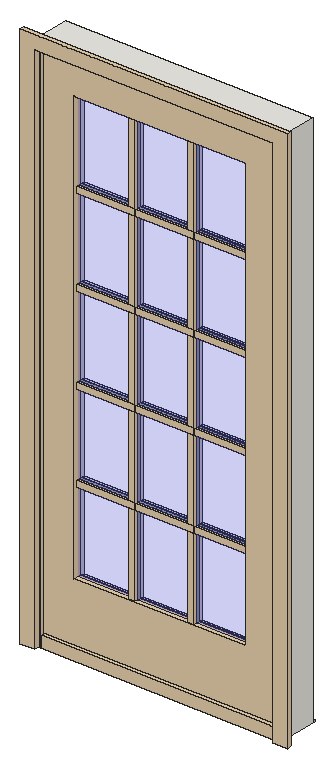
Revit family "Door-Inswing-Andersen-400_Series-Single 3", category Doors, host Wall, Revit 2013 (continued)
Dimensions and locks (in)
  aligned and locked: plane 45 "B Panel" to Sweep 10 sketch curve  (x2)
  aligned and locked: plane 56 "Sill Interior" to Sweep 10 sketch curve
  aligned and locked: Sweep 10 sketch curve to plane 57 "Sill Exterior"
  aligned and locked: level to Sweep 10 sketch curve
  aligned and locked: Masking region 2 sketch curve to plane 57 "Sill Exterior"
  aligned and locked: plane 56 "Sill Interior" to Masking region 2 sketch curve
  aligned and locked: plane 9 "Frame S2" to curve 5
  aligned and locked: Masking region 8 sketch curve to plane 19 "R Casing 4"
  aligned and locked: plane 22 "L Casing 4" to Masking region 8 sketch curve
  aligned and locked: level to Masking region 8 sketch curve  (x2)
  aligned and locked: level to Masking region 9 sketch curve  (x2)
  aligned and locked: plane 36 "L Int Casing" to Masking region 9 sketch curve
  aligned and locked: Masking region 9 sketch curve to plane 33 "R Int Casing"
  aligned and locked: plane 39 "T Int Casing" to Masking region 9 sketch curve
  aligned and locked: plane 31 "T Casing 4" to Masking region 8 sketch curve
  aligned and locked: plane 5 "T Frame" to Masking region 9 sketch curve
  aligned and locked: plane 4 "L Frame" to Masking region 9 sketch curve
  aligned and locked: Masking region 9 sketch curve to plane 3 "R Frame"
  aligned and locked: Masking region 10 sketch curve to plane 59 "R Stop"
  aligned and locked: plane 58 "L Stop" to Masking region 10 sketch curve
  aligned and locked: level to Masking region 10 sketch curve
  aligned and locked: plane 60 "T Stop" to Masking region 10 sketch curve
  aligned and locked: curve 6 to plane 58 "L Stop"
  aligned and locked: curve 7 to plane 59 "R Stop"
  aligned and locked: Masking region 10 sketch curve to plane 3 "R Frame"
  aligned and locked: plane 5 "T Frame" to Masking region 10 sketch curve
  aligned and locked: plane 4 "L Frame" to Masking region 10 sketch curve
  aligned and locked: Masking region 10 sketch curve to plane 61 "Sill Height"
  aligned and locked: curve 8 to plane 35 "R Ext Frame"
  aligned and locked: curve 9 to plane 38 "L Ext Frame"
  aligned and locked: plane 3 "R Frame" to curve 14
  aligned and locked: curve 14 to plane 10 "Flange"
  aligned and locked: plane 4 "L Frame" to curve 15
  aligned and locked: plane 5 "T Frame" to curve 16
  aligned and locked: plane 10 "Flange" to curve 16
  aligned and locked: plane 9 "Frame S2" to Sweep 7 sketch curve
  aligned and locked: Sweep 7 sketch curve to plane 38 "L Ext Frame"  (x2)
  aligned and locked: Sweep 7 sketch curve to plane 53 "Frame S1"
  aligned and locked: Sweep 7 sketch curve to plane 58 "L Stop"
  aligned and locked: curve 59 to plane 53 "Frame S1"
  aligned and locked: plane 53 "Frame S1" to curve 45
  aligned and locked: plane 4 "L Frame" to curve 39
  aligned and locked: plane 3 "R Frame" to curve 53
  aligned and locked: plane 55 "Stop Interior" to Sweep 7 sketch curve
  aligned and locked: Sweep 8 sketch curve to plane 38 "L Ext Frame"
  aligned and locked: Sweep 9 sketch curve to plane 56 "Sill Interior"
  aligned and locked: level to Sweep 9 sketch curve
  aligned and locked: Sweep 9 sketch curve to plane 57 "Sill Exterior"
  aligned and locked: Sweep 9 sketch curve to plane 61 "Sill Height"
  aligned and locked: curve 94 to plane 61 "Sill Height"
  aligned and locked: curve 88 to plane 56 "Sill Interior"
  aligned and locked: plane 46 "B Glazing" to Sweep 11 sketch curve  (x2)
  aligned and locked: Sweep 11 sketch curve to plane 45 "B Panel"
  aligned and locked: plane 51 "Panel1 S2" to Sweep 11 sketch curve  (x2)
  aligned and locked: plane 44 "T Panel" to Sweep 11 sketch curve
  aligned and locked: Sweep 11 sketch curve to plane 47 "T Glazing"
  aligned and locked: Sweep 11 sketch curve to plane 62 "Glass1 S1"  (x2)
  aligned and locked: plane 46 "B Glazing" to Sweep 12 sketch curve  (x2)
  aligned and locked: Sweep 12 sketch curve to plane 50 "Panel1 S1"  (x2)
  aligned and locked: plane 62 "Glass1 S1" to Sweep 12 sketch curve  (x2)
  aligned and locked: Sweep 12 sketch curve to plane 47 "T Glazing"
  aligned and locked: plane 44 "T Panel" to Sweep 12 sketch curve
  aligned and locked: plane 48 "L Glazing" to Sweep 11 sketch curve
  aligned and locked: plane 49 "R Glazing" to Sweep 11 sketch curve
  aligned and locked: plane 49 "R Glazing" to Sweep 12 sketch curve
  aligned and locked: plane 48 "L Glazing" to Sweep 12 sketch curve
  aligned and locked: plane 45 "B Panel" to Sweep 13 sketch curve
  aligned and locked: Sweep 13 sketch curve to plane 2 "Center (Left/Right)"
  aligned and locked: plane 44 "T Panel" to Sweep 13 sketch curve
  aligned and locked: plane 49 "R Glazing" to Sweep 13 sketch curve
  aligned and locked: plane 51 "Panel1 S2" to Sweep 13 sketch curve
  aligned and locked: Sweep 13 sketch curve to plane 62 "Glass1 S1"
  aligned and locked: Sweep 13 sketch curve to plane 43 "R Panel"
  aligned and locked: Sweep 13 sketch curve to plane 42 "L Panel"
  aligned and locked: Sweep 13 sketch curve to plane 51 "Panel1 S2"
  aligned and locked: plane 62 "Glass1 S1" to Sweep 13 sketch curve
  aligned and locked: plane 48 "L Glazing" to Sweep 13 sketch curve
  aligned and locked: plane 44 "T Panel" to Sweep 14 sketch curve
  aligned and locked: Sweep 14 sketch curve to plane 2 "Center (Left/Right)"
  aligned and locked: plane 45 "B Panel" to Sweep 14 sketch curve
  aligned and locked: Sweep 14 sketch curve to plane 50 "Panel1 S1"
  aligned and locked: Sweep 14 sketch curve to plane 43 "R Panel"
  aligned and locked: plane 49 "R Glazing" to Sweep 14 sketch curve
  aligned and locked: plane 62 "Glass1 S1" to Sweep 14 sketch curve
  aligned and locked: plane 50 "Panel1 S1" to Sweep 14 sketch curve
  aligned and locked: plane 48 "L Glazing" to Sweep 14 sketch curve
  aligned and locked: Sweep 14 sketch curve to plane 42 "L Panel"
  aligned and locked: Sweep 14 sketch curve to plane 62 "Glass1 S1"
  aligned and locked: Sweep 15 sketch curve to plane 43 "R Panel"
  aligned and locked: plane 42 "L Panel" to Sweep 15 sketch curve
  aligned and locked: Sweep 15 sketch curve to plane 45 "B Panel"  (x2)
  aligned and locked: plane 44 "T Panel" to Sweep 15 sketch curve
  aligned and locked: Sweep 15 sketch curve to plane 50 "Panel1 S1"
  aligned and locked: plane 46 "B Glazing" to Sweep 16 sketch curve
  aligned and locked: plane 62 "Glass1 S1" to Sweep 16 sketch curve
  aligned and locked: plane 63 "Glass1 S3" to Sweep 16 sketch curve
  aligned and locked: plane 47 "T Glazing" to Sweep 16 sketch curve
  aligned and locked: Sweep 16 sketch curve to plane 49 "R Glazing"
  aligned and locked: plane 48 "L Glazing" to Sweep 16 sketch curve
  aligned and locked: Sweep 16 sketch curve to plane 46 "B Glazing"
  aligned and locked: curve 155 to plane 63 "Glass1 S3"
  aligned and locked: curve 156 to plane 64 "Glass1 S2"
  aligned and locked: plane 46 "B Glazing" to curve 156
  aligned and locked: plane 46 "B Glazing" to curve 155
  aligned and locked: plane 47 "T Glazing" to curve 155
  aligned and locked: plane 47 "T Glazing" to curve 156
  aligned and locked: plane 47 "T Glazing" to curve 157
  aligned and locked: plane 47 "T Glazing" to curve 158
  aligned and locked: plane 46 "B Glazing" to curve 157
  aligned and locked: plane 46 "B Glazing" to curve 158
  aligned and locked: curve 157 to plane 65 "Glass1 S4"
  aligned and locked: curve 158 to plane 62 "Glass1 S1"
  aligned and locked: plane 47 "T Glazing" to curve 159
  aligned and locked: plane 46 "B Glazing" to curve 159
  aligned and locked: curve 159 to plane 51 "Panel1 S2"
  aligned and locked: plane 47 "T Glazing" to curve 160
  aligned and locked: plane 46 "B Glazing" to curve 160
  aligned and locked: curve 160 to plane 50 "Panel1 S1"
  aligned and locked: plane 64 "Glass1 S2" to curve 221
  aligned and locked: plane 49 "R Glazing" to curve 221
  aligned and locked: plane 48 "L Glazing" to curve 221
  aligned and locked: plane 48 "L Glazing" to curve 222
  aligned and locked: plane 63 "Glass1 S3" to curve 222
  aligned and locked: plane 49 "R Glazing" to curve 222
  aligned and locked: plane 62 "Glass1 S1" to curve 223
  aligned and locked: plane 49 "R Glazing" to curve 223
  aligned and locked: plane 65 "Glass1 S4" to curve 224
  aligned and locked: plane 49 "R Glazing" to curve 224
  aligned and locked: plane 48 "L Glazing" to curve 224
  aligned and locked: plane 48 "L Glazing" to curve 223
  aligned and locked: plane 48 "L Glazing" to curve 225
  aligned and locked: plane 49 "R Glazing" to curve 225
  aligned and locked: plane 50 "Panel1 S1" to curve 225
  aligned and locked: plane 49 "R Glazing" to curve 226
  aligned and locked: plane 48 "L Glazing" to curve 226
  aligned and locked: plane 51 "Panel1 S2" to curve 226
  aligned and locked: Masking region 11 sketch curve to plane 43 "R Panel"
  aligned and locked: Masking region 11 sketch curve to plane 45 "B Panel"
  aligned and locked: plane 42 "L Panel" to Masking region 11 sketch curve
  aligned and locked: plane 44 "T Panel" to Masking region 11 sketch curve
  aligned and locked: curve 230 to plane 49 "R Glazing"
  aligned and locked: curve 229 to plane 46 "B Glazing"
  aligned and locked: plane 47 "T Glazing" to curve 227
  aligned and locked: plane 48 "L Glazing" to curve 228
  aligned and locked: nested 1 to plane 47 "T Glazing"
  aligned and locked: nested 1 to plane 2 "Center (Left/Right)"
  aligned and locked: nested 2 to plane 47 "T Glazing"
  aligned and locked: nested 5 to plane 47 "T Glazing"
  aligned and locked: nested 4 to plane 48 "L Glazing"
  aligned and locked: nested 3 to plane 48 "L Glazing"
  aligned and locked: nested 6 to plane 48 "L Glazing"
  aligned and locked: nested 7 to plane 48 "L Glazing"
  aligned and locked: plane 37 "L Xjamb 2" to curve 231
  aligned and locked: plane 38 "L Ext Frame" to curve 231
  aligned and locked: plane 53 "Frame S1" to curve 231
  aligned and locked: plane 67 "L Xjamb 1" to Extrusion 6 sketch curve
  aligned and locked: Extrusion 6 sketch curve to plane 68 "R Xjamb S1"
  aligned and locked: plane 69 "T Xjamb S1" to Extrusion 6 sketch curve
  aligned and locked: Extrusion 5 sketch curve to plane 68 "R Xjamb S1"
  aligned and locked: plane 69 "T Xjamb S1" to Extrusion 5 sketch curve
  aligned and locked: plane 67 "L Xjamb 1" to Extrusion 5 sketch curve
  aligned and locked: Masking region 12 sketch curve to plane 33 "R Int Casing"
  aligned and locked: host wall to Masking region 12 sketch curve
  aligned and locked: plane 68 "R Xjamb S1" to Masking region 12 sketch curve
  aligned and locked: plane 8 "Interior Casing" to Masking region 12 sketch curve
  aligned and locked: Masking region 13 sketch curve to plane 52 "Xjamb S1"
  aligned and locked: plane 68 "R Xjamb S1" to Masking region 13 sketch curve
  aligned and locked: Masking region 13 sketch curve to host wall
  aligned and locked: Masking region 13 sketch curve to plane 34 "R Xjamb 2"
  aligned and locked: host wall to Masking region 14 sketch curve
  aligned and locked: plane 36 "L Int Casing" to Masking region 14 sketch curve
  aligned and locked: plane 8 "Interior Casing" to Masking region 14 sketch curve
  aligned and locked: Masking region 14 sketch curve to plane 67 "L Xjamb 1"
  aligned and locked: Masking region 15 sketch curve to plane 52 "Xjamb S1"
  aligned and locked: plane 37 "L Xjamb 2" to Masking region 15 sketch curve
  aligned and locked: Masking region 15 sketch curve to host wall
  aligned and locked: Masking region 15 sketch curve to plane 67 "L Xjamb 1"
  aligned and locked: Masking region 16 sketch curve to plane 52 "Xjamb S1"
  aligned and locked: plane 40 "T Xjamb 2" to Masking region 16 sketch curve
  aligned and locked: Masking region 16 sketch curve to host wall
  aligned and locked: level to Masking region 16 sketch curve
  aligned and locked: host wall to Masking region 17 sketch curve
  aligned and locked: plane 39 "T Int Casing" to Masking region 17 sketch curve
  aligned and locked: plane 8 "Interior Casing" to Masking region 17 sketch curve
  aligned and locked: level to Masking region 17 sketch curve
  aligned and locked: plane 52 "Xjamb S1" to curve 232
  aligned and locked: plane 8 "Interior Casing" to curve 233
  aligned and locked: host wall to curve 233
  aligned and locked: plane 69 "T Xjamb S1" to curve 232
  aligned and locked: plane 69 "T Xjamb S1" to curve 233
  aligned and locked: plane 10 "Flange" to curve 15
  aligned and locked: plane 51 "Panel1 S2" to curve 234
  aligned and locked: plane 42 "L Panel" to curve 234
  aligned and locked: curve 243 to plane 5 "T Frame"
  aligned and locked: curve 242 to plane 9 "Frame S2"
  aligned and locked: plane 51 "Panel1 S2" to curve 268
  aligned and locked: plane 44 "T Panel" to curve 269
  aligned and locked: plane 43 "R Panel" to curve 269
  aligned and locked: plane 70 "Center Elevation" to curve 270
  aligned and locked: plane 42 "L Panel" to curve 270
  aligned and locked: plane 43 "R Panel" to curve 270
  aligned and locked: plane 45 "B Panel" to curve 270
  aligned and locked: Split face 1 sketch curve to plane 62 "Glass1 S1"
  aligned and locked: plane 62 "Glass1 S1" to Split face 2 sketch curve
  aligned and locked: Split face 3 sketch curve to plane 62 "Glass1 S1"
  aligned and locked: plane 62 "Glass1 S1" to Split face 4 sketch curve
  aligned and locked: plane 45 "B Panel" to Sweep 17 sketch curve
  aligned and locked: level to Sweep 17 sketch curve
  aligned and locked: plane 2 "Center (Left/Right)" to Sweep 17 sketch curve
  aligned and locked: plane 4 "L Frame" to Sweep 17 sketch curve
  aligned and locked: Sweep 17 sketch curve to plane 38 "L Ext Frame"
  aligned and locked: plane 56 "Sill Interior" to Sweep 17 sketch curve
  aligned and locked: Sweep 17 sketch curve to plane 35 "R Ext Frame"
  aligned and locked: plane 3 "R Frame" to Sweep 17 sketch curve
  aligned and locked: Sweep 17 sketch curve to plane 56 "Sill Interior"
  aligned and locked: Sweep 17 sketch curve to Sweep 8
  aligned and locked: Sweep 8 to Sweep 17 sketch curve
  aligned and locked: plane 4 "L Frame" to Masking region 8 sketch curve
  aligned and locked: plane 5 "T Frame" to Masking region 8 sketch curve
  aligned and locked: Masking region 8 sketch curve to plane 3 "R Frame"
  aligned and locked: plane 2 "Center (Left/Right)" to Sweep 18 sketch curve
  aligned and locked: plane 66 "Vert Bar length" to Sweep 18 sketch curve
  aligned and locked: level to Sweep 18 sketch curve
  aligned and locked: Sweep 18 sketch curve to plane 38 "L Ext Frame"  (x2)
  aligned and locked: plane 4 "L Frame" to Sweep 18 sketch curve
  aligned and locked: plane 9 "Frame S2" to Sweep 18 sketch curve
  aligned and locked: Sweep 18 sketch curve to plane 53 "Frame S1"
  aligned and locked: Sweep 18 sketch curve to plane 58 "L Stop"
  aligned and locked: plane 55 "Stop Interior" to Sweep 18 sketch curve
  aligned and locked: Sweep 18 sketch curve to curve 37
  aligned and locked: curve 43 to Sweep 18 sketch curve
  aligned and locked: Sweep 18 sketch curve to curve 44
  aligned and locked: Sweep 18 sketch curve to curve 42
  aligned and locked: plane 3 "R Frame" to Sweep 18 sketch curve
  aligned and locked: Sweep 18 sketch curve to plane 35 "R Ext Frame"  (x2)
  aligned and locked: plane 53 "Frame S1" to Sweep 18 sketch curve
  aligned and locked: Sweep 18 sketch curve to plane 9 "Frame S2"
  aligned and locked: Sweep 18 sketch curve to plane 55 "Stop Interior"
  aligned and locked: Sweep 18 sketch curve to plane 59 "R Stop"
  aligned and locked: Sweep 18 sketch curve to curve 51
  aligned and locked: curve 57 to Sweep 18 sketch curve
  aligned and locked: Sweep 18 sketch curve to curve 58
  aligned and locked: Sweep 18 sketch curve to curve 56
Automatic sketch dimensions
  curve 20 to curve 20 = 0' - 0.2407"
  curve 20 to curve 27 = 0' - 1.00115"
  curve 26 to curve 19 = 0' - 0.15518"
  curve 19 to curve 19 = 0' - 1.13732"
  curve 24 to curve 18 = 0' - 0.437"
  curve 17 to curve 22 = 0' - 1.782"
  curve 21 to curve 20 = 0' - 1.12165"
  curve 19 to curve 18 = 0' - 0.4525"
  curve 18 to curve 23 = 0' - 0.57875"
  curve 20 to curve 21 = 0' - 0 11/32"
  curve 17 to curve 22 = 0' - 1 1/32"
  curve 37 to curve 37 = 0' - 0.2407"
  curve 37 to curve 44 = 0' - 1.00115"
  curve 43 to curve 36 = 0' - 0.15518"
  curve 36 to curve 36 = 0' - 1.13732"
  curve 41 to curve 35 = 0' - 0.437"
  curve 34 to curve 39 = 0' - 1.782"
  curve 38 to curve 37 = 0' - 1.12165"
  curve 36 to curve 35 = 0' - 0.4525"
  curve 35 to curve 40 = 0' - 0.57875"
  curve 37 to curve 38 = 0' - 0 11/32"
  curve 34 to curve 39 = 0' - 1 1/32"
  curve 51 to curve 51 = 0' - 0.2407"
  curve 58 to curve 51 = 0' - 1.00115"
  curve 50 to curve 57 = 0' - 0.15518"
  curve 50 to curve 50 = 0' - 1.13732"
  curve 49 to curve 55 = 0' - 0.437"
  curve 53 to curve 48 = 0' - 1.782"
  curve 51 to curve 52 = 0' - 1.12165"
  curve 50 to curve 49 = 0' - 0.4525"
  curve 49 to curve 54 = 0' - 0.57875"
  curve 51 to curve 52 = 0' - 0 11/32"
  curve 48 to curve 53 = 0' - 1 1/32"
  curve 210 to curve 215 = 0' - 0"
  curve 204 to curve 214 = 0' - 0"
  curve 204 to curve 203 = 0' - 0.031"
  curve 211 to curve 203 = 0' - 0.23603"
  curve 208 to curve 208 = 0' - 0 3/4"
  curve 207 to curve 202 = 0' - 0"
  curve 207 to curve 219 = 0' - 3.07115"
  curve 217 to curve 213 = 0' - 0.61635"
  curve 212 to curve 210 = 0' - 0.03034"
  curve 216 to curve 215 = 0' - 0.21"
  curve 212 to curve 210 = 0' - 0.31225"
  curve 209 to curve 209 = 0' - 0.094"
  curve 212 to curve 217 = 0' - 0.64549"
  curve 217 to curve 218 = 0' - 0.01076"
  curve 208 to curve 206 = 0' - 0 3/4"
  curve 205 to curve 204 = 0' - 0.062"
  curve 204 to curve 204 = 0' - 0.186"
  curve 203 to curve 202 = 0' - 0.252"
  curve 202 to curve 211 = 0' - 0.06225"
  curve 207 to curve 215 = 0' - 0.156"
  curve 214 to curve 206 = 0' - 0.1565"
  curve 190 to curve 195 = 0' - 0"
  curve 184 to curve 194 = 0' - 0"
  curve 184 to curve 183 = 0' - 0.031"
  curve 191 to curve 183 = 0' - 0.23603"
  curve 188 to curve 188 = 0' - 0 3/4"
  curve 187 to curve 182 = 0' - 0"
  curve 187 to curve 199 = 0' - 3.07115"
  curve 197 to curve 193 = 0' - 0.61635"
  curve 192 to curve 190 = 0' - 0.03034"
  curve 196 to curve 195 = 0' - 0.21"
  curve 190 to curve 192 = 0' - 0.31225"
  curve 189 to curve 189 = 0' - 0.094"
  curve 197 to curve 192 = 0' - 0.64549"
  curve 198 to curve 197 = 0' - 0.01076"
  curve 186 to curve 188 = 0' - 0 3/4"
  curve 184 to curve 185 = 0' - 0.062"
  curve 184 to curve 184 = 0' - 0.186"
  curve 182 to curve 183 = 0' - 0.252"
  curve 191 to curve 182 = 0' - 0.06225"
  curve 195 to curve 187 = 0' - 0.156"
  curve 186 to curve 194 = 0' - 0.1565"
  curve 170 to curve 175 = 0' - 0"
  curve 164 to curve 174 = 0' - 0"
  curve 164 to curve 163 = 0' - 0.031"
  curve 171 to curve 163 = 0' - 0.23603"
  curve 168 to curve 168 = 0' - 0 3/4"
  curve 167 to curve 162 = 0' - 0"
  curve 167 to curve 179 = 0' - 3.07115"
  curve 177 to curve 173 = 0' - 0.61635"
  curve 172 to curve 170 = 0' - 0.03034"
  curve 176 to curve 175 = 0' - 0.21"
  curve 170 to curve 172 = 0' - 0.31225"
  curve 169 to curve 169 = 0' - 0.094"
  curve 177 to curve 172 = 0' - 0.64549"
  curve 178 to curve 177 = 0' - 0.01076"
  curve 166 to curve 168 = 0' - 0 3/4"
  curve 164 to curve 165 = 0' - 0.062"
  curve 164 to curve 164 = 0' - 0.186"
  curve 162 to curve 163 = 0' - 0.252"
  curve 171 to curve 162 = 0' - 0.06225"
  curve 175 to curve 167 = 0' - 0.156"
  curve 166 to curve 174 = 0' - 0.1565"
  curve 85 to curve 116 = 0' - 0.469"
  curve 122 to curve 121 = 0' - 0.06225"
  curve 116 to curve 127 = 0' - 0.31425"
  curve 127 to curve 126 = 0' - 0.186"
  curve 126 to curve 130 = 0' - 0.062"
  curve 116 to curve 119 = 0' - 1.063"
  curve 117 to curve 118 = 0' - 0.01076"
  curve 130 to curve 123 = 0' - 0 3/4"
  curve 117 to curve 92 = 0' - 0 1/4"
  curve 123 to curve 125 = 0' - 0.094"
  curve 92 to curve 133 = 0' - 0.4055"
  curve 92 to curve 89 = 0' - 0.406"
  curve 89 to curve 91 = 0' - 2.3745"
  curve 90 to curve 85 = 0' - 1 21/32"
  curve 86 to curve 84 = 0' - 0"
  curve 130 to curve 131 = 0' - 0.156"
  curve 129 to curve 120 = 0' - 0.156"
  curve 94 to curve 92 = 0' - 0"
  curve 86 to curve 86 = 0' - 0.07827"
  curve 86 to curve 90 = 0' - 0.51602"
  curve 90 to curve 90 = 0' - 0.20571"
  curve 89 to curve 88 = 0' - 0.71574"
  curve 94 to curve 117 = 0' - 0.1868"
  curve 133 to curve 89 = 0' - 0.2977"
  curve 89 to curve 118 = 0' - 0.31866"
  curve 118 to curve 122 = 0' - 7.25934"
  curve 121 to curve 120 = 0' - 0"
  curve 120 to curve 121 = 0' - 0.51397"
  curve 121 to curve 128 = 0' - 0.20503"
  curve 127 to curve 126 = 0' - 0.031"
  curve 120 to curve 123 = 0' - 0 3/4"
  curve 87 to curve 86 = 0' - 0.17176"
  curve 84 to curve 87 = 0' - 0"
  curve 88 to curve 85 = 0' - 1 11/16"
  curve 132 to curve 129 = 0' - 0.335"
  curve 124 to curve 124 = 0' - 0.03034"
  curve 132 to curve 123 = 0' - 0"
  curve 126 to curve 131 = 0' - 0"
  curve 124 to curve 115 = 0' - 0.03034"
  curve 121 to curve 116 = 0' - 0.23603"
  curve 74 to curve 96 = 0' - 0.469"
  curve 102 to curve 101 = 0' - 0.06225"
  curve 96 to curve 107 = 0' - 0.31425"
  curve 107 to curve 106 = 0' - 0.186"
  curve 106 to curve 110 = 0' - 0.062"
  curve 96 to curve 99 = 0' - 1.063"
  curve 97 to curve 98 = 0' - 0.01076"
  curve 110 to curve 103 = 0' - 0 3/4"
  curve 97 to curve 81 = 0' - 0 1/4"
  curve 103 to curve 105 = 0' - 0.094"
  curve 81 to curve 113 = 0' - 0.4055"
  curve 81 to curve 78 = 0' - 0.406"
  curve 78 to curve 80 = 0' - 2.3745"
  curve 79 to curve 74 = 0' - 1 21/32"
  curve 75 to curve 73 = 0' - 0"
  curve 110 to curve 111 = 0' - 0.156"
  curve 109 to curve 100 = 0' - 0.156"
  curve 83 to curve 81 = 0' - 0"
  curve 75 to curve 75 = 0' - 0.07827"
  curve 75 to curve 79 = 0' - 0.51602"
  curve 79 to curve 79 = 0' - 0.20571"
  curve 78 to curve 77 = 0' - 0.71574"
  curve 83 to curve 97 = 0' - 0.1868"
  curve 113 to curve 78 = 0' - 0.2977"
  curve 78 to curve 98 = 0' - 0.31866"
  curve 98 to curve 102 = 0' - 7.25934"
  curve 101 to curve 100 = 0' - 0"
  curve 100 to curve 101 = 0' - 0.51397"
  curve 101 to curve 108 = 0' - 0.20503"
  curve 107 to curve 106 = 0' - 0.031"
  curve 100 to curve 103 = 0' - 0 3/4"
  curve 76 to curve 75 = 0' - 0.17176"
  curve 73 to curve 76 = 0' - 0"
  curve 77 to curve 74 = 0' - 1 11/16"
  curve 112 to curve 109 = 0' - 0.335"
  curve 104 to curve 104 = 0' - 0.03034"
  curve 112 to curve 103 = 0' - 0"
  curve 106 to curve 111 = 0' - 0"
  curve 104 to curve 95 = 0' - 0.03034"
  curve 101 to curve 96 = 0' - 0.23603"
  curve 235 to curve 249 = 0' - 0.46925"
  curve 255 to curve 255 = 0' - 0.06225"
  curve 249 to curve 261 = 0' - 0.31425"
  curve 260 to curve 260 = 0' - 0.186"
  curve 259 to curve 259 = 0' - 0.062"
  curve 249 to curve 250 = 0' - 1.063"
  curve 250 to curve 251 = 0' - 0.01076"
  curve 263 to curve 253 = 0' - 0 3/4"
  curve 250 to curve 247 = 0' - 0.24975"
  curve 256 to curve 257 = 0' - 0.094"
  curve 245 to curve 251 = 0' - 0.4055"
  curve 248 to curve 236 = 0' - 0.0315"
  curve 236 to curve 237 = 0' - 1.13732"
  curve 236 to curve 237 = 0' - 0.15518"
  curve 237 to curve 238 = 0' - 1.00115"
  curve 238 to curve 240 = 0' - 0.2407"
  curve 239 to curve 241 = 0' - 1.12165"
  curve 259 to curve 264 = 0' - 0.156"
  curve 265 to curve 256 = 0' - 0.156"
  curve 259 to curve 258 = 0' - 0"
  curve 259 to curve 261 = 0' - 0.031"
  curve 260 to curve 254 = 0' - 0.20503"
  curve 256 to curve 256 = 0' - 0 3/4"
  curve 253 to curve 255 = 0' - 0"
  curve 253 to curve 236 = 0' - 2 13/16"
  curve 236 to curve 251 = 0' - 0.25865"
  curve 251 to curve 246 = 0' - 0.19385"
  curve 236 to curve 237 = 0' - 0 11/16"
  curve 251 to curve 250 = 0' - 0.61635"
  curve 250 to curve 246 = 0' - 0 5/32"
  curve 235 to curve 242 = 0' - 1 1/32"
  curve 265 to curve 256 = 0' - 0"
  curve 259 to curve 264 = 0' - 0"
  curve 249 to curve 254 = 0' - 0.23603"
  curve 257 to curve 248 = 0' - 0"
  curve 248 to curve 257 = 0' - 0.03032"
  curve 262 to curve 265 = 0' - 0.335"
  curve 60 to curve 136 = 0' - 0.46925"
  curve 142 to curve 142 = 0' - 0.06225"
  curve 136 to curve 148 = 0' - 0.31425"
  curve 147 to curve 147 = 0' - 0.186"
  curve 146 to curve 146 = 0' - 0.062"
  curve 136 to curve 137 = 0' - 1.063"
  curve 137 to curve 138 = 0' - 0.01076"
  curve 150 to curve 140 = 0' - 0 3/4"
  curve 137 to curve 72 = 0' - 0.24975"
  curve 143 to curve 144 = 0' - 0.094"
  curve 70 to curve 138 = 0' - 0.4055"
  curve 135 to curve 61 = 0' - 0.0315"
  curve 61 to curve 62 = 0' - 1.13732"
  curve 61 to curve 62 = 0' - 0.15518"
  curve 62 to curve 63 = 0' - 1.00115"
  curve 63 to curve 65 = 0' - 0.2407"
  curve 64 to curve 66 = 0' - 1.12165"
  curve 146 to curve 151 = 0' - 0.156"
  curve 152 to curve 143 = 0' - 0.156"
  curve 146 to curve 145 = 0' - 0"
  curve 146 to curve 148 = 0' - 0.031"
  curve 147 to curve 141 = 0' - 0.20503"
  curve 143 to curve 143 = 0' - 0 3/4"
  curve 140 to curve 142 = 0' - 0"
  curve 140 to curve 61 = 0' - 2 13/16"
  curve 61 to curve 138 = 0' - 0.25865"
  curve 138 to curve 71 = 0' - 0.19385"
  curve 61 to curve 62 = 0' - 0 11/16"
  curve 138 to curve 137 = 0' - 0.61635"
  curve 137 to curve 71 = 0' - 0 5/32"
  curve 60 to curve 67 = 0' - 1 1/32"
  curve 152 to curve 143 = 0' - 0"
  curve 146 to curve 151 = 0' - 0"
  curve 136 to curve 141 = 0' - 0.23603"
  curve 144 to curve 135 = 0' - 0"
  curve 135 to curve 144 = 0' - 0.03032"
  curve 149 to curve 152 = 0' - 0.335"
  curve 4 to plane 53 "Frame S1" = 0' - 0"
  curve 3 to plane 53 "Frame S1" = 0' - 0"
  Masking region 1 sketch curve to plane 53 "Frame S1" = 0' - 0"
  Masking region 3 sketch curve to plane 53 "Frame S1" = 0' - 0"
  Masking region 4 sketch curve to plane 53 "Frame S1" = 0' - 0"
  Masking region 5 sketch curve to plane 53 "Frame S1" = 0' - 0"
  profile plane to Sweep 7 sketch curve = 0' - 1.61"
  Sweep 7 sketch curve to plane 10 "Flange" = 0' - 2.7805"
  Sweep 7 sketch curve to plane 10 "Flange" = 0' - 0.04984"
  Sweep 7 sketch curve to Sweep 7 sketch curve = 0' - 0 11/32"
  Sweep 7 sketch curve to Sweep 7 sketch curve = 0' - 1.13732"
  Sweep 7 sketch curve to Sweep 7 sketch curve = 0' - 0.15518"
  plane 10 "Flange" to Sweep 7 sketch curve = 0' - 0.19085"
  Sweep 8 sketch curve to level = 0' - 0"  (x2)
  curve 31 to plane 35 "R Ext Frame" = 0' - 0"
  curve 31 to plane 53 "Frame S1" = 0' - 0"
  curve 5 to plane 3 "R Frame" = 0' - 0"
  curve 31 to plane 3 "R Frame" = 0' - 0"
  curve 5 to plane 16 "R Casing 1" = 0' - 0 1/8"
  Sweep 9 sketch curve to profile plane = 0' - 0.17176"
  Sweep 9 sketch curve to plane 10 "Flange" = 0' - 2.7805"
  plane 10 "Flange" to Sweep 9 sketch curve = 0' - 0.0005"
  Sweep 9 sketch curve to profile plane = 0' - 0 1/4"
  Sweep 9 sketch curve to Sweep 9 sketch curve = 0' - 0.516"
  Sweep 9 sketch curve to Sweep 9 sketch curve = 0' - 0.71574"
  Sweep 9 sketch curve to Sweep 9 sketch curve = 0' - 0.4845"
  Sweep 9 sketch curve to Sweep 9 sketch curve = 0' - 0.406"
  curve 6 to level = 0' - 0"
  curve 7 to level = 0' - 0"
  curve 7 to plane 61 "Sill Height" = 0' - 0"
  curve 6 to plane 61 "Sill Height" = 0' - 0"
  curve 13 to plane 41 "T Ext Frame" = 0' - 0"
  plane 25 "L Casing 1" to curve 11 = 0' - 0 1/8"
  curve 11 to level = 0' - 0"
  curve 9 to level = 0' - 0"
  curve 8 to level = 0' - 0"
  curve 10 to plane 16 "R Casing 1" = 0' - 0 1/8"
  plane 28 "T Casing 1" to curve 12 = 0' - 0 1/8"
  level to curve 10 = 0' - 0.04794"
  profile plane to Sweep 12 sketch curve = 0' - 8 5/8"
  profile plane to Sweep 15 sketch curve = 0' - 0.297"
  Sweep 15 sketch curve to plane 10 "Flange" = 0' - 2.81175"
  Split face 1 sketch curve to Sweep 10 = 0' - 0"  (x2)
  Sweep 8 to Split face 2 sketch curve = 0' - 0"  (x2)
  Split face 3 sketch curve to Sweep 8 = 0' - 0"  (x2)
  Split face 4 sketch curve to Sweep 8 = 0' - 0"
  Sweep 8 to Split face 4 sketch curve = 0' - 0"
  Sweep 18 sketch curve to plane 10 "Flange" = 0' - 2.7805"
  Sweep 18 sketch curve to Sweep 18 sketch curve = 0' - 0.437"
Nested families (in)
  nested 1: "Andersen Grille Bar" at (0, -2.21875, 42.4375) x (-1, 0, 0) z (0, 1, 0), Bar Width <- "Grille Bar Size", Bar Length <- "TS V Bar Length", visible <- "TS S V", type "Andersen Grille Bar"
    with Glass / 2 0' - 0 1/8", Glass 0' - 0 5/8", Center Line Length 5' - 3 7/8", Center Line 2, Bar Width 0' - 0 7/8", Bar Length 5' - 3 7/8"
  nested 2: "Andersen Grille Bar" at (4.35417, -2.21875, 42.4375) x (-1, 0, 0) z (0, 1, 0), Bar Width <- "Grille Bar Size", Bar Length <- "TS V Bar Length", visible <- "TS M V", type "Andersen Grille Bar"
    with Glass / 2 0' - 0 1/8", Glass 0' - 0 5/8", Center Line Length 5' - 3 7/8", Center Line 2, Bar Width 0' - 0 7/8", Bar Length 5' - 3 7/8"
  nested 3: "Andersen Grille Bar" at (0, -2.21875, 42.4375) x (0, 0, 1) z (0, 1, 0), Bar Width <- "Grille Bar Size", visible <- "TS S H Craftsman", Bar Length <- "H DLO", type "Andersen Grille Bar"
    with Glass / 2 0' - 0 1/8", Glass 0' - 0 5/8", Center Line Length 2' - 1 1/4", Center Line 2, Bar Width 0' - 0 7/8", Bar Length 2' - 1 1/4"
  nested 4: "Andersen Grille Bar" at (0, -2.21875, 42.4375) x (0, 0, 1) z (0, 1, 0), Bar Width <- "Grille Bar Size", visible <- "TS S H", Bar Length <- "H DLO", type "Andersen Grille Bar"
    with Glass / 2 0' - 0 1/8", Glass 0' - 0 5/8", Center Line Length 2' - 1 1/4", Center Line 2, Bar Width 0' - 0 7/8", Bar Length 2' - 1 1/4"
  nested 5: "Andersen Grille Bar" at (-4.35417, -2.21875, 42.4375) x (-1, 0, 0) z (0, 1, 0), Bar Width <- "Grille Bar Size", Bar Length <- "TS V Bar Length", visible <- "TS M V", type "Andersen Grille Bar"
    with Glass / 2 0' - 0 1/8", Glass 0' - 0 5/8", Center Line Length 5' - 3 7/8", Center Line 2, Bar Width 0' - 0 7/8", Bar Length 5' - 3 7/8"
  nested 6: "Andersen Grille Bar" at (0, -2.21875, 61.8625) x (0, 0, 1) z (0, 1, 0), Bar Width <- "Grille Bar Size", visible <- "TS M H", Bar Length <- "H DLO", type "Andersen Grille Bar"
    with Glass / 2 0' - 0 1/8", Glass 0' - 0 5/8", Center Line Length 2' - 1 1/4", Center Line 2, Bar Width 0' - 0 7/8", Bar Length 2' - 1 1/4"
  nested 7: "Andersen Grille Bar" at (0, -2.21875, 23.0125) x (0, 0, 1) z (0, 1, 0), Bar Width <- "Grille Bar Size", visible <- "TS M H", Bar Length <- "H DLO", type "Andersen Grille Bar"
    with Glass / 2 0' - 0 1/8", Glass 0' - 0 5/8", Center Line Length 2' - 1 1/4", Center Line 2, Bar Width 0' - 0 7/8", Bar Length 2' - 1 1/4"
  nested 8: "Andersen Grille Bar" at (0, -2.21875, 48.9125) x (0, 0, 1) z (0, 1, 0), Bar Width <- "Grille Bar Size", visible <- "TS M H", Bar Length <- "H DLO", type "Andersen Grille Bar"
    with Glass / 2 0' - 0 1/8", Glass 0' - 0 5/8", Center Line Length 2' - 1 1/4", Center Line 2, Bar Width 0' - 0 7/8", Bar Length 2' - 1 1/4"
  nested 9: "Andersen Grille Bar" at (0, -2.21875, 35.9625) x (0, 0, 1) z (0, 1, 0), Bar Width <- "Grille Bar Size", visible <- "TS M H", Bar Length <- "H DLO", type "Andersen Grille Bar"
    with Glass / 2 0' - 0 1/8", Glass 0' - 0 5/8", Center Line Length 2' - 1 1/4", Center Line 2, Bar Width 0' - 0 7/8", Bar Length 2' - 1 1/4"
Definition of nested family "Andersen Grille Bar"
  Parameters (values of type "Andersen Grille Bar")
    Interior Bar Visibility = yes
    Interior Bar Material = none
    Glass / 2 [instance] = (Glass / 2) - 0' 0 3/16"  # 0' - 0 1/8"
    Glass [instance] = 0' - 0 5/8"
    Exterior Bar Visibility = yes
    Exterior Bar Finish = none
    Default Elevation = 4' - 0"
    Center Line Length [instance] = if(Center Line = 1, Bar Length + (Bar Width / 2), Bar Length)  # 0' - 4 7/16"
    Center Line [instance] = 1
    Between Glass Bar Visibility = yes
    Between Glass Bar Finish = none
    Bar Width [instance] = 0' - 0 7/8"
    Bar Length [instance] = 0' - 4"
  Reference planes (in)
    plane 1 "Center (Front/Back)": y = 0
    plane 2 "a": z = 0
    plane 3 "Center (Left/Right)": x = 0
    plane 4 "1": x = -0.4375
    plane 5 "2": x = 0.4375
    plane 6: y = 2
    plane 7: y = -2
    plane 8 "b": z = -0.625
    plane 9: z = -0.125
    plane 10: y = -2.4375
    plane 11 "a1": z = 12
    plane 12 "a2": z = -12
  Forms (in)
    Extrusion 1, solid
      sketch origin (0, 0, 0) x (1, 0, 0) y (0, 1, 0)
        loop
          line (-48, 48) -> (-48, -48) -> (48, -48) -> (48, 48) -> (-48, 48)
      from 0 to -12
    Extrusion 2, solid, material <- "Exterior Bar Finish", visible <- "Exterior Bar Visibility", detail levels fine
      sketch origin (0, 0, 0) x (1, 0, 0) y (0, 1, 0)
        loop
          line (-0.4375, 2) -> (-0.4375, -2) -> (0.4375, -2) -> (0.4375, 2) -> (-0.4375, 2)
      from 0 to 0.375
    Extrusion 3, solid, material <- "Between Glass Bar Finish", visible <- "Between Glass Bar Visibility", detail levels fine
      sketch origin (0, 0, 0) x (1, 0, 0) y (0, 1, 0)
        loop
          line (-0.4375, 2) -> (-0.4375, -2) -> (0.4375, -2) -> (0.4375, 2) -> (-0.4375, 2)
      from -0.5 to -0.125
    Extrusion 4, solid, material <- "Interior Bar Material", visible <- "Interior Bar Visibility", detail levels fine
      sketch origin (0, 0, 0) x (1, 0, 0) y (0, 1, 0)
        loop
          line (-0.4375, 2) -> (-0.4375, -2) -> (0.4375, -2) -> (0.4375, 2) -> (-0.4375, 2)
      from -1 to -0.625
  Lines and regions (in)
    model lines, style "GenericModel", detail levels coarse+medium
      curve 1: line (0, 2, 0) -> (0, -2.4375, 0)
    symbolic lines, style "GenericModel", detail levels coarse+medium
      curve 2: line (0, 2, 12) -> (0, -2.4375, 12)
      curve 3: line (0, 2, -12) -> (0, -2.4375, -12)
    model lines, style "InvisibleLines", not visible, detail levels coarse
      curve 4: line (0, 0, 12) -> (0, 0, -12)
    symbolic lines, detail levels fine
      curve 5: line (-0.4375, 2, 0) -> (-0.4375, -2, 0)
      curve 6: line (0.4375, 2, 0) -> (0.4375, -2, 0)
  Dimensions and locks (in)
    "Glass": plane 2 "a" to plane 8 "b"
    "Glass / 2": plane 2 "a" to plane 9
    locked: Extrusion 2 to Extrusion 2 at 0.375
    locked: plane 9 to Extrusion 3 at 0.375
    locked: plane 8 "b" to Extrusion 4 at 0.375
    equal spacing: plane 4 "1", plane 3 "Center (Left/Right)", plane 5 "2"
    equal spacing: plane 6, plane 1 "Center (Front/Back)", plane 7
    "Bar Width": plane 4 "1" to plane 5 "2"
    "Bar Length": plane 6 to plane 7
    "Center Line Length": plane 6 to plane 10
    locked: plane 11 "a1" to plane 2 "a" at 12
    locked: plane 2 "a" to plane 12 "a2" at 12
    aligned and locked: plane 2 "a" to Extrusion 1
    aligned and locked: level to Extrusion 1
    aligned and locked: Extrusion 2 to plane 2 "a"
    aligned and locked: Extrusion 2 to plane 4 "1"
    aligned and locked: plane 5 "2" to Extrusion 2
    aligned and locked: plane 6 to Extrusion 2
    aligned and locked: Extrusion 2 to plane 7
    aligned and locked: plane 9 to Extrusion 3
    aligned and locked: Extrusion 3 to plane 4 "1"
    aligned and locked: plane 5 "2" to Extrusion 3
    aligned and locked: plane 6 to Extrusion 3
    aligned and locked: Extrusion 3 to plane 7
    aligned and locked: plane 8 "b" to Extrusion 4
    aligned and locked: Extrusion 4 to plane 4 "1"
    aligned and locked: plane 5 "2" to Extrusion 4
    aligned and locked: plane 6 to Extrusion 4
    aligned and locked: Extrusion 4 to plane 7
    aligned and locked: plane 6 to curve 1
    aligned and locked: plane 10 to curve 1
    aligned and locked: curve 1 to plane 3 "Center (Left/Right)"
    aligned and locked: plane 6 to curve 2
    aligned and locked: plane 10 to curve 2
    aligned and locked: curve 2 to plane 3 "Center (Left/Right)"
    aligned and locked: plane 6 to curve 3
    aligned and locked: plane 10 to curve 3
    aligned and locked: curve 3 to plane 3 "Center (Left/Right)"
    aligned and locked: plane 11 "a1" to curve 4
    aligned and locked: plane 12 "a2" to curve 4
    aligned and locked: curve 4 to plane 1 "Center (Front/Back)"
    aligned and locked: plane 6 to curve 5
    aligned and locked: plane 6 to curve 6
    aligned and locked: plane 7 to curve 6
    aligned and locked: plane 7 to curve 5
    aligned and locked: curve 5 to plane 4 "1"
    aligned and locked: curve 6 to plane 5 "2"
  Automatic sketch dimensions
    Extrusion 1 sketch curve to Extrusion 1 sketch curve = 8' - 0"  (x2)
    plane 7 to Extrusion 2 sketch curve = 0' - 0"
    Extrusion 2 sketch curve to plane 5 "2" = 0' - 0 7/8"
    Extrusion 2 sketch curve to plane 6 = 0' - 0"
    Extrusion 2 sketch curve to Extrusion 2 sketch curve = 0' - 0 7/8"
    plane 7 to Extrusion 3 sketch curve = 0' - 0"
    Extrusion 3 sketch curve to plane 5 "2" = 0' - 0 7/8"
    Extrusion 3 sketch curve to plane 6 = 0' - 0"
    Extrusion 3 sketch curve to Extrusion 3 sketch curve = 0' - 0 7/8"
    Extrusion 4 sketch curve to plane 7 = 0' - 0"
    Extrusion 4 sketch curve to plane 5 "2" = 0' - 0 7/8"
    Extrusion 4 sketch curve to plane 6 = 0' - 0"
    Extrusion 4 sketch curve to Extrusion 4 sketch curve = 0' - 0 7/8"
